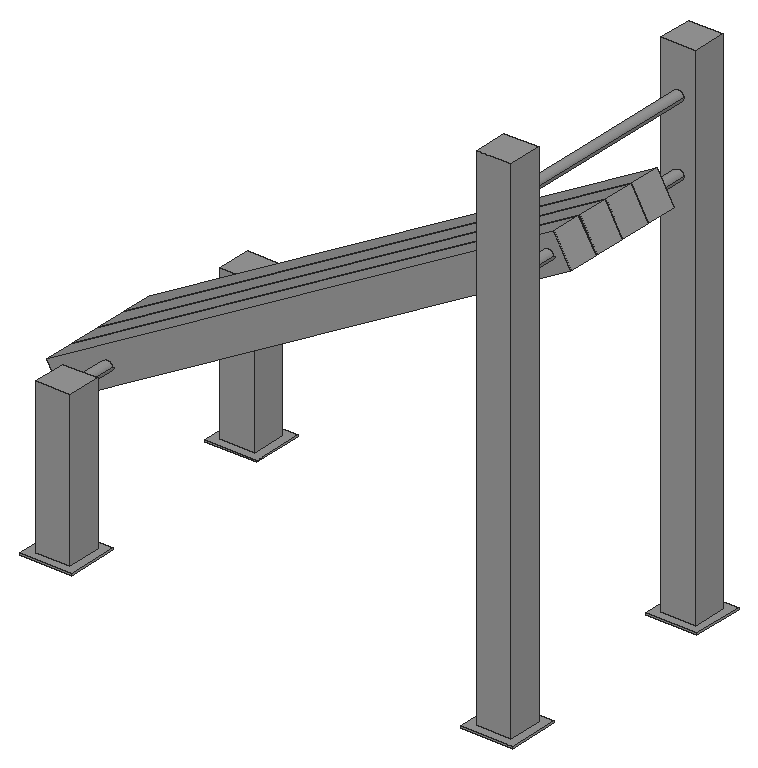
Revit family "28398 Скамья для пресса наклонная «Фристайл» Хоббика", category Антураж, Revit 2018
Family settings
  На основе рабочей плоскости = Нет
  Всегда вертикально = Да
  При загрузке вырезать с полостями = Нет
  Источник визуального образа = Геометрия семейства
  Общий = Нет
  Точка расчета площади = Нет
Parameters (values of type "Скамья для пресса наклонная «Фристайл»")
  Ширина = 770 mm  # constant formula
  Цвет отделки = Дерево
  Цвет каркаса = Сталь
  Описание = "Скамья для пресса наклонная «Фристайл»"  # constant formula
  Материал изделия = "Сталь, дерево"  # constant formula
  Изображение типоразмера = Скамья для пресса наклонная «Фристайл» Арт 28398.jpg
  Изготовитель = "ООО «Хоббика»"  # constant formula
  Длина = 1380 mm  # constant formula
  Группа модели = "Оборудование для воркаута"  # constant formula
  Высота = 1500 mm  # constant formula
  Артикул товара = "Арт. 28398"  # constant formula
  URL = "https://hobbyka.ru/product/skamya_naklonnaya_dlya_pressa_fristayl/"
Reference planes
  plane 1 "По центру (Вперед/Назад)": y = 0
  plane 2: z = 0
  plane 3 "По центру (Влево/Вправо)": x = 0
  plane 4: y = 770
  plane 5: x = 1380
  plane 6: z = 1500
Forms (mm)
  Extrusion 1, solid, material "Сталь" <- "Цвет каркаса"
    sketch origin (0, 0, 0) x (1, 0, 0) y (0, 1, 0)
      loop
        line (0, 770) -> (0, 670) -> (100, 670) -> (100, 770) -> (0, 770)
      loop
        line (0, 100) -> (0, 0) -> (100, 0) -> (100, 100) -> (0, 100)
    from 0 to 450
  Extrusion 2, solid, material "Сталь" <- "Цвет каркаса"
    sketch origin (1280, 0, 0) x (1, 0, 0) y (0, 1, 0)
      loop
        line (0, 770) -> (0, 670) -> (100, 670) -> (100, 770) -> (0, 770)
      loop
        line (0, 100) -> (0, 0) -> (100, 0) -> (100, 100) -> (0, 100)
    from 0 to 1500
  Extrusion 3, solid, material "Дерево" <- "Цвет отделки"
    sketch origin (0, 0, 0) x (1, 0, 0) y (0, 0, 1)
      loop
        line (-125.574, 377.5) -> (-75.574, 290.897) -> (1395.359, 1140.141) -> (1345.359, 1226.743) -> (-125.574, 377.5)
    from -197.5 to -287.5
  Extrusion 4, solid, material "Дерево" <- "Цвет отделки"
    sketch origin (0, 0, 0) x (1, 0, 0) y (0, 0, 1)
      loop
        line (-125.574, 377.5) -> (-75.574, 290.897) -> (1395.359, 1140.141) -> (1345.359, 1226.743) -> (-125.574, 377.5)
    from -292.5 to -382.5
  Extrusion 5, solid, material "Дерево" <- "Цвет отделки"
    sketch origin (0, 0, 0) x (1, 0, 0) y (0, 0, 1)
      loop
        line (-125.574, 377.5) -> (-75.574, 290.897) -> (1395.359, 1140.141) -> (1345.359, 1226.743) -> (-125.574, 377.5)
    from -387.5 to -477.5
  Extrusion 6, solid, material "Дерево" <- "Цвет отделки"
    sketch origin (0, 0, 0) x (1, 0, 0) y (0, 0, 1)
      loop
        line (-125.574, 377.5) -> (-75.574, 290.897) -> (1395.359, 1140.141) -> (1345.359, 1226.743) -> (-125.574, 377.5)
    from -482.5 to -572.5
  Extrusion 7, solid, material "Сталь" <- "Цвет каркаса"
    sketch origin (0, 0, 0) x (1, 0, 0) y (0, 0, 1)
      loop
        circle (50, 421.132) r 15
      loop
        circle (1330, 1160.141) r 15
      loop
        circle (1330, 1365) r 15
    from -100 to -670
  Extrusion 8, solid, material "Сталь" <- "Цвет каркаса"
    sketch origin (0, 0, 0) x (1, 0, 0) y (0, 1, 0)
      loop
        line (-25, 795) -> (-25, 645) -> (125, 645) -> (125, 795) -> (-25, 795)
      loop
        line (1255, 795) -> (1255, 645) -> (1405, 645) -> (1405, 795) -> (1255, 795)
      loop
        line (1255, 125) -> (1255, -25) -> (1405, -25) -> (1405, 125) -> (1255, 125)
      loop
        line (-25, 125) -> (-25, -25) -> (125, -25) -> (125, 125) -> (-25, 125)
    from 0 to 5
Cuts and joins
  joined: Extrusion 1, Extrusion 2, Extrusion 7, Extrusion 8
Dimensions and locks
  "Ширина": plane 4 to plane 1 "По центру (Вперед/Назад)"
  "Длина": plane 5 to plane 3 "По центру (Влево/Вправо)"
  "Высота": plane 6 to plane 2
  Extrusion 2 to Extrusion 2 = 570 mm
  aligned and locked: level to plane 2
Automatic sketch dimensions
  Extrusion 1 sketch curve to plane 3 "По центру (Влево/Вправо)" = 0 mm  (x2)
  plane 1 "По центру (Вперед/Назад)" to Extrusion 1 sketch curve = 0 mm
  Extrusion 1 sketch curve to plane 4 = 0 mm
  plane 3 "По центру (Влево/Вправо)" to Extrusion 1 sketch curve = 100 mm
  Extrusion 1 sketch curve to Extrusion 1 sketch curve = 100 mm  (x2)
  Extrusion 1 sketch curve to plane 1 "По центру (Вперед/Назад)" = 100 mm
  Extrusion 2 sketch curve to plane 4 = 0 mm
  plane 1 "По центру (Вперед/Назад)" to Extrusion 2 sketch curve = 0 mm
  Extrusion 2 sketch curve to plane 5 = 0 mm  (x2)
  Extrusion 2 sketch curve to plane 5 = 100 mm  (x2)
  Extrusion 2 sketch curve to plane 1 "По центру (Вперед/Назад)" = 100 mm
  Extrusion 2 sketch curve to Extrusion 2 sketch curve = 100 mm
  Extrusion 3 sketch curve to plane 3 "По центру (Влево/Вправо)" = 125.574 mm
  Extrusion 3 sketch curve to plane 3 "По центру (Влево/Вправо)" = 75.574 mm
  Extrusion 3 sketch curve to plane 5 = 34.641 mm
  level to Extrusion 3 sketch curve = 290.897 mm
  Extrusion 3 sketch curve to Extrusion 3 sketch curve = 86.603 mm
  Extrusion 4 sketch curve to plane 3 "По центру (Влево/Вправо)" = 125.574 mm
  Extrusion 4 sketch curve to plane 3 "По центру (Влево/Вправо)" = 75.574 mm
  Extrusion 4 sketch curve to plane 5 = 34.641 mm
  level to Extrusion 4 sketch curve = 290.897 mm
  Extrusion 4 sketch curve to Extrusion 4 sketch curve = 86.603 mm
  Extrusion 5 sketch curve to plane 3 "По центру (Влево/Вправо)" = 125.574 mm
  Extrusion 5 sketch curve to plane 3 "По центру (Влево/Вправо)" = 75.574 mm
  Extrusion 5 sketch curve to plane 5 = 34.641 mm
  level to Extrusion 5 sketch curve = 290.897 mm
  Extrusion 5 sketch curve to Extrusion 5 sketch curve = 86.603 mm
  Extrusion 6 sketch curve to plane 3 "По центру (Влево/Вправо)" = 125.574 mm
  Extrusion 6 sketch curve to plane 3 "По центру (Влево/Вправо)" = 75.574 mm
  Extrusion 6 sketch curve to plane 5 = 34.641 mm
  level to Extrusion 6 sketch curve = 290.897 mm
  Extrusion 6 sketch curve to Extrusion 6 sketch curve = 86.603 mm
  plane 3 "По центру (Влево/Вправо)" to Extrusion 7 sketch curve = 50 mm
  Extrusion 7 sketch curve to plane 5 = 50 mm  (x2)
  level to Extrusion 7 sketch curve = 421.132 mm
  Extrusion 7 sketch curve to plane 6 = 339.859 mm
  Extrusion 7 sketch curve to plane 6 = 135 mm
  Extrusion 8 sketch curve to plane 3 "По центру (Влево/Вправо)" = 25 mm  (x2)
  plane 4 to Extrusion 8 sketch curve = 25 mm  (x2)
  plane 3 "По центру (Влево/Вправо)" to Extrusion 8 sketch curve = 125 mm  (x2)
  plane 1 "По центру (Вперед/Назад)" to Extrusion 8 sketch curve = 25 mm  (x2)
  Extrusion 8 sketch curve to plane 5 = 125 mm  (x2)
  plane 5 to Extrusion 8 sketch curve = 25 mm  (x2)
  Extrusion 8 sketch curve to plane 1 "По центру (Вперед/Назад)" = 125 mm  (x2)
  Extrusion 8 sketch curve to plane 4 = 125 mm  (x2)
  radius of Extrusion 7 sketch curve = 15 mm  (x3)
